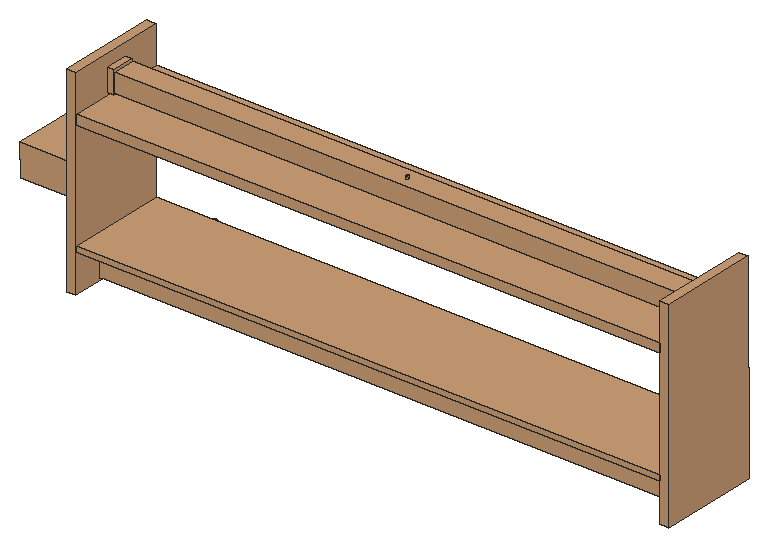
Revit family
Parameters
  Center of Unit = 0' - 0"  # constant formula
  Total Heating Capacity [instance] = 0.0 Btu/h
  Series = "VIFB"
  Outlet Area = 21.40 SF
  Lower Frame Thickness = if(Headers Height = 0' 3", 0' 1 1/4", if(Headers Height = 0' 3 1/4", 0' 1 1/4", 0' 0"))  # 0' - 1 1/4"
  Water Pressure Drop [instance] = 0.00 psi
  Water Flow [instance] = 0 GPM
  Unit Weight (lbs) = 1142
  URL = "http://www.ljwing.com/"
  Water Outlet Radius = 0' - 1 1/2"
  Headers Height = if(M = 0' 1", 0' 3", if(M = 0' 1 1/2", 0' 3 1/4", 0' 0"))  # 0' - 3 1/4"
  Number of Rows = 2  # constant formula
  Number of Coils [instance] = 0
  Nominal Length = 11' - 0 5/8"
  N = 1' - 0 3/4"
  Model = "VA-12W"
  Manufacturer = "LJ Wing"
  M = 0' - 1 1/2"
  Leaving Water Temperature [instance] = 0 °F
  Leaving Air Temperature [instance] = 0 °F
  Entering Water Temperature [instance] = 0 °F
  Entering Air Temperature [instance] = 0 °F
  Description = "Vertical Integral Face & Bypass Water Heating Coils"
  Hot Water Inlet  Radius = 0' - 1 1/2"
  Coil Face Area = Outlet Area * 0.56  # 11.984 SF
  Casing Material = ""
  Assembly Code = "D3020300"
  Air Vent Radius = 0' - 0 1/4"
  Air Pressure Drop [instance] = 0.00 in-wg
  Air Inlet Width = Nominal Length - 0' 4"  # 10' - 8 5/8"
  Air Inlet Height = Y  # 2' - 0"
  Air Flow [instance] = 0 CFM
  Y = 2' - 0"
  S = 0' - 9 3/4"  # constant formula
  Product URL = "http://www.ljwing.com/html/vifb.asp"
  OmniClass = "23-75 70 21 14 "
  Nominal Height = 3' - 8"
  Nominal Depth = 1' - 10"
  R = 0' - 10 1/4"  # constant formula
  Q = 0' - 3 5/16"
Reference planes (in)
  plane 1 "Center (Front/Back)": y = 0
  plane 2: z = -12
  plane 3 "Center (Left/Right)": x = 0
  plane 4: z = 22.25
  plane 5: x = -66.3125
  plane 6: x = 66.3125
  plane 7: z = -21.75
  plane 8: z = 0
  plane 9: y = -11
  plane 10: y = 11
  plane 11: z = 12
  plane 12: z = 14
  plane 13: z = -13.25
  plane 14: x = 64.3125
  plane 15: x = -64.3125
  plane 16: x = -63
  plane 17: x = 63
  plane 18: y = 14.0625
  plane 19: x = -77.3125
  plane 20: z = 19.125
  plane 21: z = 15.125
  plane 22: y = -2.5
  plane 23: y = 2.5
  plane 24: y = -4.5
  plane 25: z = -19.375
  plane 26: x = -53.5625
  plane 27: x = 53.5625
  plane 28: z = -15.375
Forms (in)
  Extrusion 1, solid, material "Painted Finish"
    sketch origin (0, 6, -9.75) x (1, 0, 0) y (0, 0, 1)
      loop
        line (-66.3125, -12) -> (-64.3125, -12) -> (-64.3125, 32) -> (-66.3125, 32) -> (-66.3125, -12)
      loop
        line (66.3125, -12) -> (66.3125, 32) -> (64.3125, 32) -> (64.3125, -12) -> (66.3125, -12)
    from -5 to 17
  Extrusion 2, solid, material "Painted Finish"
    sketch origin (0, 6, 0) x (1, 0, 0) y (0, 0, 1)
      loop
        line (64.3125, -12) -> (-64.3125, -12) -> (-64.3125, -13.25) -> (64.3125, -13.25) -> (64.3125, -12)
      loop
        line (64.3125, 12) -> (64.3125, 14) -> (-64.3125, 14) -> (-64.3125, 12) -> (64.3125, 12)
    from -5 to 17
  Extrusion 3, solid, material "Painted Finish"
    sketch origin (0, 10, -0.5) x (1, 0, 0) y (0, 0, 1)
      loop
        line (-66.3125, 4) -> (-77.3125, 4) -> (-77.3125, -3) -> (-66.3125, -3) -> (-66.3125, 4)
    from 0 to 20
  Extrusion 4, solid, material "Painted Finish"
    sketch origin (0, 6, 0) x (1, 0, 0) y (0, 0, 1)
      loop
        line (-62.6875, 19.125) -> (-62.6875, 15.125) -> (62.6875, 15.125) -> (62.6875, 19.125) -> (-62.6875, 19.125)
    from 3.5 to 8.5
  Extrusion 5, solid, material "Painted Finish"
    sketch origin (0, 0, 0) x (1, 0, 0) y (0, 0, 1)
      loop
        line (-62.6875, 14.625) -> (-62.6875, 19.625) -> (-64.3125, 19.625) -> (-64.3125, 14.625) -> (-62.6875, 14.625)
      loop
        line (64.3125, 14.625) -> (64.3125, 19.625) -> (62.6875, 19.625) -> (62.6875, 14.625) -> (64.3125, 14.625)
    from -2.5 to 2.5
  Extrusion 6, solid, material "Painted Finish"
    sketch origin (0, 6, 0) x (1, 0, 0) y (0, 0, 1)
      loop
        line (-63.8125, -13.75) -> (-63.8125, -13.5) -> (-64.3125, -13.5) -> (-64.3125, -17.25) -> (-63.8125, -17.25) -> (-63.8125, -17) -> (63.8125, -17) -> (63.8125, -17.25) -> (64.3125, -17.25) -> (64.3125, -13.5) -> (63.8125, -13.5) -> (63.8125, -13.75) -> (-63.8125, -13.75)
      loop
        line (63.8125, -21) -> (63.8125, -21.125) -> (64.3125, -21.125) -> (64.3125, -17.5) -> (63.8125, -17.5) -> (63.8125, -17.75) -> (-63.8125, -17.75) -> (-63.8125, -17.5) -> (-64.3125, -17.5) -> (-64.3125, -21.25) -> (-63.8125, -21.25) -> (-63.8125, -21) -> (63.8125, -21)
    from -5 to 10.5
  Extrusion 7, void
    sketch origin (0, 0, 0) x (1, 0, 0) y (0, 0, 1)
      loop
        line (-64.3125, 12) -> (-64.3125, -12) -> (64.3125, -12) -> (64.3125, 12) -> (-64.3125, 12)
    from -11 to 11
  Extrusion 8, solid, material "Painted Finish"
    sketch origin (0, 0, 0) x (1, 0, 0) y (0, 0, 1)
      loop
        circle (53.5625, -19.375) r 1.5
      loop
        circle (-53.5625, -15.375) r 1.5
    from -14.0625 to -11
  Extrusion 9, solid, material "Painted Finish"
    sketch origin (0, 0, 0) x (1, 0, 0) y (0, 1, 0)
      loop
        circle (0, 0) r 0.25
    from 19.125 to 19.625
Cuts and joins
  Extrusion 7 cuts Extrusion 1
  Extrusion 7 cuts Extrusion 2
Dimensions and locks (in)
  "Nominal Length": plane 6 to plane 5
  equal spacing: plane 6, plane 3 "Center (Left/Right)", plane 5
  "S": plane 2 to plane 7
  "Nominal Depth": plane 10 to plane 9
  equal spacing: plane 10, plane 1 "Center (Front/Back)", plane 9
  "Y": plane 11 to plane 2
  "R": plane 4 to plane 11
  locked: plane 12 to plane 11 at 2
  "Lower Frame Thickness": plane 2 to plane 13
  "Q": plane 16 to plane 5
  "Q": plane 6 to plane 17
  locked: plane 18 to plane 10 at 3.0625
  locked: plane 5 to plane 19 at 11
  locked: Extrusion 3 sketch curve to Extrusion 3 sketch curve at 7
  locked: Extrusion 3 to Extrusion 3 at 20
  locked: plane 6 to plane 14 at 2
  locked: plane 15 to plane 5 at 2
  locked: Extrusion 5 sketch curve to plane 20 at 0.5
  locked: plane 21 to Extrusion 5 sketch curve at 0.5
  locked: plane 20 to plane 21 at 4
  locked: plane 23 to plane 22 at 5
  equal spacing: plane 23, plane 1 "Center (Front/Back)", plane 22
  locked: plane 22 to plane 24 at 2
  plane 4 to plane 7 = 3' - 8"
  locked: Extrusion 5 sketch curve to Extrusion 1 at 1.625
  locked: Extrusion 5 sketch curve to Extrusion 5 sketch curve at 1.625
  locked: Extrusion 7 sketch curve to plane 11 at 0
  locked: Extrusion 7 sketch curve to plane 15 at 0
  locked: Extrusion 7 sketch curve to plane 14 at 0
  locked: plane 15 to Extrusion 6 sketch curve at 0.5
  locked: Extrusion 6 sketch curve to Extrusion 6 sketch curve at 0.25  (x2)
  locked: plane 25 to plane 7 at 2.375
  "N": plane 26 to plane 5
  "N": plane 6 to plane 27
  locked: plane 28 to plane 7 at 6.375
  "Headers Height": Extrusion 6 sketch curve to Extrusion 6 sketch curve  (x2)
  locked: Extrusion 8 sketch curve to plane 25 at 0
  locked: Extrusion 8 sketch curve to plane 28 at 0
  locked: Extrusion 9 sketch curve to plane 1 "Center (Front/Back)" at 0
  locked: Extrusion 9 sketch curve to plane 3 "Center (Left/Right)" at 0
  equal spacing: Extrusion 6 sketch curve, plane 28, Extrusion 6 sketch curve
  equal spacing: Extrusion 6 sketch curve, plane 25, Extrusion 6 sketch curve
  locked: plane 4 to plane 20 at 3.125
  locked: Extrusion 7 sketch curve to plane 2 at 0
  equal spacing: plane 11, plane 8, plane 2
  locked: Extrusion 8 sketch curve to plane 27 at 0
  locked: Extrusion 8 sketch curve to plane 26 at 0
  "M": radius of Extrusion 8 sketch curve  (x2)
  "Air Vent Radius": radius of Extrusion 9 sketch curve
  aligned and locked: plane 9 to Extrusion 1
  aligned and locked: Extrusion 1 to plane 10
  aligned and locked: plane 15 to Extrusion 1
  aligned and locked: Extrusion 1 to plane 14
  aligned and locked: plane 9 to Extrusion 2
  aligned and locked: Extrusion 1 to plane 9
  aligned and locked: plane 10 to Extrusion 1  (x2)
  aligned and locked: Extrusion 2 to plane 10
  aligned and locked: plane 10 to Extrusion 2  (x2)
  aligned and locked: Extrusion 2 to plane 9  (x2)
  aligned and locked: plane 5 to Extrusion 3
  aligned and locked: Extrusion 5 sketch curve to plane 15
  aligned and locked: Extrusion 5 sketch curve to Extrusion 4
  aligned and locked: Extrusion 1 to Extrusion 6
  aligned and locked: plane 22 to Extrusion 5
  aligned and locked: Extrusion 5 to Extrusion 4  (x2)
  aligned and locked: Extrusion 5 to plane 23
  aligned and locked: plane 24 to Extrusion 6
  aligned and locked: Extrusion 4 to Extrusion 5  (x2)
  aligned and locked: Extrusion 5 to Extrusion 1  (x2)
  aligned and locked: Extrusion 1 to Extrusion 7  (x2)
  aligned and locked: Extrusion 8 to plane 18
  aligned and locked: plane 10 to Extrusion 8
  aligned and locked: plane 20 to Extrusion 9
  aligned and locked: Extrusion 9 to Extrusion 5
  aligned and locked: plane 2 to cut or joined group of Extrusion 2, Extrusion 7
  aligned and locked: plane 6 to Extrusion 1 sketch curve
  aligned and locked: plane 14 to Extrusion 1 sketch curve
  aligned and locked: Extrusion 1 sketch curve to plane 15
  aligned and locked: Extrusion 1 sketch curve to plane 5
  aligned and locked: plane 4 to Extrusion 1 sketch curve
  aligned and locked: Extrusion 1 sketch curve to plane 4
  aligned and locked: plane 7 to Extrusion 1 sketch curve
  aligned and locked: Extrusion 1 sketch curve to plane 7
  aligned and locked: Extrusion 2 sketch curve to plane 11
  aligned and locked: Extrusion 2 sketch curve to plane 12
  aligned and locked: plane 2 to Extrusion 2 sketch curve
  aligned and locked: Extrusion 2 sketch curve to plane 13
  aligned and locked: Extrusion 2 sketch curve to plane 14  (x2)
  aligned and locked: Extrusion 2 sketch curve to plane 15  (x2)
  aligned and locked: Extrusion 4 sketch curve to plane 20
  aligned and locked: Extrusion 4 sketch curve to plane 21
  aligned and locked: Extrusion 6 sketch curve to plane 14  (x2)
  aligned and locked: plane 15 to Extrusion 6 sketch curve  (x2)
Automatic sketch dimensions
  Extrusion 3 sketch curve to plane 19 = 0' - 0"
  Extrusion 3 sketch curve to plane 5 = 0' - 0"
  plane 8 to Extrusion 3 sketch curve = 0' - 3 1/2"
  plane 16 to Extrusion 4 sketch curve = 0' - 0 5/16"
  Extrusion 4 sketch curve to plane 17 = 0' - 0 5/16"
  plane 21 to Extrusion 5 sketch curve = 0' - 0 1/2"
  Extrusion 5 sketch curve to plane 20 = 0' - 0 1/2"
  plane 15 to Extrusion 6 sketch curve = 0' - 0 1/2"  (x2)
  Extrusion 6 sketch curve to Extrusion 6 sketch curve = 0' - 0 1/4"  (x5)
  Extrusion 6 sketch curve to Extrusion 6 sketch curve = 0' - 0"  (x2)
  Extrusion 6 sketch curve to plane 14 = 0' - 0 1/2"  (x2)
  Extrusion 6 sketch curve to Extrusion 6 sketch curve = 0' - 0 1/2"
  Extrusion 6 sketch curve to plane 7 = 0' - 0 5/8"
Connectors (in)
  hvac at (0, -11, 0), driven by "Air Inlet Height", driven by "Air Inlet Width", driven by "Air Flow", driven by "Air Pressure Drop"
    settings: on Extrusion 7, index 1
  hvac at (0, 11, 0), driven by "Air Pressure Drop", driven by "Air Inlet Height", driven by "Air Inlet Width", driven by "Air Flow"
    settings: on Extrusion 7, index 2
  piping at (-53.5625, 14.0625, -15.375), driven by "M", driven by "Water Flow", driven by "Water Pressure Drop"
    settings: on Extrusion 8, index 4
  piping at (53.5625, 14.0625, -19.375), driven by "Water Pressure Drop", driven by "Water Flow", driven by "M"
    settings: on Extrusion 8, index 5
